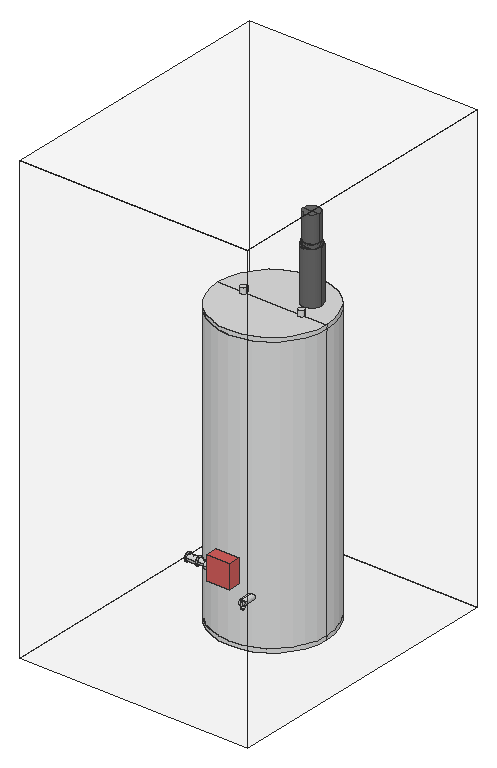
Revit family "Fan-Flued-Non-Condensing_RFF-190_Water-Heater_LOD200", category Mechanical Equipment, Revit 2014
Parameters (values of type "RFF 190")
  Weekly = ""
  Warranty ID = ""
  Voltage = 230 V  # constant formula
  URL = "http://www.andrewswaterheaters.co.uk/index.htm"
  Type = "Direct Gas Fired Water Heater"  # constant formula
  Supply Phase = "Single Phase"  # constant formula
  Storage Capacity = 190.00 L
  Shipping Weight = 84.00 kg
  Shipping Carton Width = 584 mm
  Shipping Carton Length = 648 mm
  Shipping Carton Height = 1753 mm
  Shape = "Rectangular (Horizontal)"  # constant formula
  Secondary Return Connection Type = "Socket"  # constant formula
  Secondary Return Connection Size = 19.05 mm  # constant formula
  Safety Valve Connection Type = "Threaded"  # constant formula
  Safety Valve Connection Size = 19.05 mm  # constant formula
  Responsible Sourcing of Materials = ""
  Responsible Extraction of Materials = yes
  Reference Standard = "BSE 89"  # constant formula
  Recovery Rate litre/min = "4"
  Quarterly = ""
  Product Range = "RFF Range"  # constant formula
  Product Literature = "http://www.andrewswaterheaters.co.uk/downloads/Product_range_guide.pdf"
  Power Consumption of Shunt Pump = 0 W  # constant formula
  Overall Width = 0 mm  # constant formula
  Overall Length = 0 mm  # constant formula
  Overall Height = 1867 mm
  Overall Diameter = 559 mm
  Operation = "On/Off"  # constant formula
  Oil Flow Rate kg/h = "0"  # constant formula
  Oil Consumption Rate l/h = "0"  # constant formula
  O&M Manual = "http://www.andrewswaterheaters.co.uk/literature-library/current-products.htm"
  Nominal Oil Inlet Pressure mbar = "0"  # constant formula
  Nominal Gas Inlet Pressure = "21"  # constant formula
  Nett Weight = 273.00 kg
  Mounting = "Floor Standing"  # constant formula
  Monthly = ""
  Model = "RFF 190"
  Minimum Power Consumption = 236 W  # constant formula
  Minimum Oil Inlet Pressure mbar = "0"  # constant formula
  Minimum Gas Inlet Pressure mbar = "18"  # constant formula
  Min Operating Pressure mbar = "0.2"  # constant formula
  Maximum Water Temperature = 71 °F  # constant formula
  Maximum Starting Current = 3 A  # constant formula
  Maximum Power Consumption = 236 W  # constant formula
  Maximum Oil Inlet Pressure mbar = "0"  # constant formula
  Maximum Gas Inlet Pressure mbar = "40"  # constant formula
  Max Operating Pressure When Unvented = 3.50 psi  # constant formula
  Max Operating Pressure When Open Vented = 10.00 psi  # constant formula
  Material Ingredient Reporting = ""
  Manufacturer = "Andrews Water Heaters"  # constant formula
  Maintenance Required 8001-12000hrs = ""
  Maintenance Required 601-1000hrs = ""
  Maintenance Required 40001-8000hrs = ""
  Maintenance Required 301-600hrs = ""
  Maintenance Required 2001-4000hrs = ""
  Maintenance Required 1001-2000hrs = ""
  Maintenance Required 0-300hrs = ""
  Location of Manufacturer-GridRef = ""
  Life Cycle Analysis = ""
  Interlocks = yes
  Insulation Type = "Foam Injected"  # constant formula
  Insulation Thickness = 50 mm  # constant formula
  Heat Up Time mins = "44"
  Heat Loss kWh/24h = "4.45"
  Heat Generator Efficiency = "76.9"
  Heat Exchanger Material = Steel Glass Lined
  Gross Weight = 75.00 kg
  Gross Input Of Appliance = 19.5 Btu/h
  Green Guide for Specification = ""
  Gas Flow Rate = 1.82 CFM
  Gas Consumption rate = 1.8 CFM
  Fuse Rating = 5 A  # constant formula
  Full Load Current = 3 A  # constant formula
  Fuel Connection Type = "Threaded"  # constant formula
  Fuel Connection Size = 12.7 mm
  Fuel = "Gas - NG"  # constant formula
  Frequency = 50 Hz  # constant formula
  Flue or Air Intake Classification = "B22"  # constant formula
  Flue Connection Type = "External"  # constant formula
  Flue Connection Size = 80 mm  # constant formula
  Flue Connection Radius = Flue Connection Size / 2  # 40 mm
  Flow and Return Connection Type = "Threaded"  # constant formula
  Flow and Return Connection Size = 19.05 mm  # constant formula
  Finish = "Painted"  # constant formula
  Features = "Fan Assisted Open Flue"  # constant formula
  External Material = Aluminium
  Expected Life = ""
  ErP Energy Label = yes
  Environmental Product Declaration = ""
  Energy Technology List = no
  Enclosure Rating = "20"  # constant formula
  Emissions mg/kWh = "56"
  Embodied Carbon kgCO2e = ""
  Drain Connection Type = "Threaded"  # constant formula
  Drain Connection Size = 19.05 mm  # constant formula
  Daily = ""
  Control Type = "Internal"  # constant formula
  Control ThermostatRange = 40 °F
  Control Thermostat Range Note = "40 to 71"  # constant formula
  Continuous Output at 50 Degree Differential l/h = "257"
  Continuous Output at 44 Degree Differential l/h = "292"
  Condensing = no
  Condensate Drain Size = 0 mm
  Colour = "Grey (RAL 70047"  # constant formula
  Clearance Box Visibility [instance] = yes
  Clean Out and Inspection Opening Type = "Other"  # constant formula
  CE Approval = "Yes - 0063AU3620"  # constant formula
  Bespoke Timeframe = ""
  BMS Links = yes
  Annually = ""
  Air Inlet Connection Type = "External"  # constant formula
  Air Inlet Connection Size = 0 mm  # constant formula
  Access Clearance Top = 419 mm  # constant formula
  Access Clearance Right = 304.998 mm  # constant formula
  Access Clearance Rear = 305 mm  # constant formula
  Access Clearance Left = 304.998 mm  # constant formula
  Access Clearance Front = 609.997 mm  # constant formula
  Access Clearance Bottom = 0 mm  # constant formula
  6 Monthly = ""
Reference planes
  plane 1 "Center (Front/Back)": y = 0
  plane 2: z = 0
  plane 3 "Center (Left/Right)": x = 0
  plane 4: y = 279.5
  plane 5: y = -279.5
  plane 6: x = -279.5
  plane 7: x = 279.5
  plane 8: x = -584.498
  plane 9: x = 584.498
  plane 10: y = 584.5
  plane 11: y = -889.497
  plane 12: z = 1867
  plane 13: z = 2286
  plane 14: z = 1264
Forms (mm)
  Extrusion 1, solid, material "Glass - Clear - Amber", visible <- "Clearance Box Visibility"
    sketch origin (2455.198, -3524, 0) x (0, -1, 0) y (1, 0, 0)
      loop
        line (-4108.5, -1870.7) -> (-4108.5, -3039.697) -> (-2634.503, -3039.697) -> (-2634.503, -1870.7) -> (-4108.5, -1870.7)
    from 0 to 2286
Dimensions and locks
  equal spacing: plane 6, plane 3 "Center (Left/Right)", plane 7
  equal spacing: plane 4, plane 1 "Center (Front/Back)", plane 5
  "Overall Diameter": plane 4 to plane 5
  "Overall Diameter": plane 6 to plane 7
  "Access Clearance Left": plane 8 to plane 6
  "Access Clearance Right": plane 7 to plane 9
  "Access Clearance Rear": plane 10 to plane 4
  "Access Clearance Front": plane 11 to plane 5
  "Overall Height": plane 12 to level
  "Access Clearance Top": plane 13 to plane 12
  locked: plane 14 to level at 1264
  aligned and locked: level to plane 2
  aligned and locked: plane 3 "Center (Left/Right)" to nested 1
  aligned and locked: plane 1 "Center (Front/Back)" to nested 1
  aligned and locked: level to nested 1
  aligned and locked: level to Extrusion 1
  aligned and locked: plane 13 to Extrusion 1
  aligned and locked: plane 9 to Extrusion 1
  aligned and locked: Extrusion 1 to plane 8
  aligned and locked: plane 10 to Extrusion 1
  aligned and locked: plane 11 to Extrusion 1
Automatic sketch dimensions
  Extrusion 1 sketch curve to plane 11 = 1473.997 mm
  Extrusion 1 sketch curve to Extrusion 1 sketch curve = 1473.997 mm
  Extrusion 1 sketch curve to plane 9 = 0 mm
  Extrusion 1 sketch curve to Extrusion 1 sketch curve = 1168.997 mm
Nested families
  nested 1: "Fan-Flued Range" at (0, 0, 0), OH <- "Overall Height", type "Parametric"
    with OH 1867 mm, Flue Connection Radius 62.5 mm
Connectors
  piping at (-148.342, 0, 1473), diameter 19.05, driven by "Flow and Return Connection Size"
    settings: on nested 1, index 1, connector inside diameter 609.6 mm, connector length 0 mm, flow factor 0, pipe flow 0 GPM, pressure drop 0.00 psi, fitting loss kfactor 0, connector angle 0.00°, fixture units 0, engagement length 0 mm, angle of deflection 0.00°, flow configuration 0, flow direction 2, fitting loss method 0, system type 19, joint type 0, gender type 0, connector reference index -1, connector utility 1, adjustable connector no, is connector primary yes, connector description "Hot Outlet Nipple/Anode"
  piping at (148.342, 0, 1473), diameter 19.05, driven by "Flow and Return Connection Size"
    settings: on nested 1, index 2, connector inside diameter 609.6 mm, connector length 0 mm, flow factor 0, pipe flow 0 GPM, pressure drop 0.00 psi, fitting loss kfactor 0, connector angle 0.00°, fixture units 0, engagement length 0 mm, angle of deflection 0.00°, flow configuration 0, flow direction 1, fitting loss method 0, system type 20, joint type 0, gender type 0, connector reference index -1, connector utility 1, adjustable connector no, is connector primary no, connector description "Hydrojet Cold Inlet Diptube"
  piping at (-188, -309.5, 356), diameter 19.1
    settings: on nested 1, index 5, connector inside diameter 609.6 mm, connector length 0 mm, flow factor 0, pipe flow 0 GPM, pressure drop 0.00 psi, fitting loss kfactor 0, connector angle 0.00°, fixture units 0, engagement length 0 mm, angle of deflection 0.00°, flow configuration 0, flow direction 1, fitting loss method 0, system type 7, joint type 0, gender type 0, connector reference index -1, connector utility 1, adjustable connector no, is connector primary no, connector description "Gas Cock"
  piping at (100, -320.133, 219.44), diameter 19.1
    settings: on nested 1, index 6, connector inside diameter 609.6 mm, connector length 0 mm, flow factor 0, pipe flow 0 GPM, pressure drop 0.00 psi, fitting loss kfactor 0, connector angle 0.00°, fixture units 0, engagement length 0 mm, angle of deflection 0.00°, flow configuration 0, flow direction 2, fitting loss method 0, system type 16, joint type 0, gender type 0, connector reference index -1, connector utility 1, adjustable connector no, is connector primary no, connector description "Drain Cock"
  electrical at (0, -349.57, 366)
    settings: on nested 1, index 7, voltage 0 V, apparent load 0 VA, apparent load phase1 0 VA, apparent load phase2 0 VA, apparent load phase3 0 VA, power factor 1, load classification "Other", number of poles 1, system type 5, power factor state 1, is connector primary yes, connector utility yes, sub classification motor no, connector description "Spark Ignition Control"
  piping at (114.5, 108.3, 1867), diameter 40, driven by "Flue Connection Radius"
    settings: on nested 1, index 9, connector inside diameter 609.6 mm, connector length 0 mm, flow factor 0, pipe flow 0 GPM, pressure drop 0.00 psi, fitting loss kfactor 0, connector angle 0.00°, fixture units 0, engagement length 0 mm, angle of deflection 0.00°, flow configuration 0, flow direction 2, fitting loss method 0, system type 8, joint type 0, gender type 0, connector reference index -1, connector utility 1, adjustable connector yes, is connector primary no, connector description "Flue Connection"
Definition of nested family "Fan-Flued Range"
  Parameters (values of type "Parametric")
    URL = ""
    Overall Height = 1448 mm
    Overall Diameter = 559 mm
    OH [instance] = 2170 mm
    Model = "EC230/600"
    Manufacturer = "Andrews Water Heaters"  # constant formula
    Flue Connection Radius [instance] = 62.5 mm
    External Material = Aluminium
    Description = "Condensing Storage Water Heater"
    Default Elevation = 1219.2 mm
    Base Material = Metal - Aluminium-Grey
  Reference planes
    plane 1 "Center (Front/Back)": y = 0
    plane 2: z = 0
    plane 3 "Center (Left/Right)": x = 0
    plane 4: x = -279.5
    plane 5: x = 279.5
    plane 6: y = 279.5
    plane 7: y = -279.5
    plane 8: z = 1448
    plane 9: z = 1428
    plane 10: z = 20
    plane 11: z = 356
    plane 12: y = -309.5
    plane 13: z = 724
    plane 14: x = -100
    plane 15: x = 100
    plane 16: z = 1228
    plane 17: y = 108.3
    plane 18: z = 2170
    plane 19: y = -149.671
  Forms (mm)
    Revolve 1, solid, material "Aluminium"
      sketch origin (0, 0, 0) x (1, 0, 0) y (0, 0, 1)
        loop
          line (-279.5, 1428) -> (-279.5, 20) -> (0, 20) -> (0, 1428) -> (-279.5, 1428)
        axis (0, 1428) -> (0, 20)
      angle from 0 to 360
    Revolve 2, solid, material "Aluminium" <- "External Material"
      sketch origin (0, 0, 0) x (1, 0, 0) y (0, 0, 1)
        loop
          line (-279.5, 1448) -> (-279.5, 1428) -> (0, 1428) -> (0, 1448) -> (-279.5, 1448)
        loop
          line (-279.5, 0) -> (0, 0) -> (0, 20) -> (-279.5, 20) -> (-279.5, 0)
        axis (0, 1448) -> (0, 0)
      angle from 0 to 360
    Revolve 3, solid, material "Aluminium"
      sketch origin (-209.431, -1524, 356) x (-1, 0, 0) y (0, -1, 0)
        loop
          line (-21.431, -1194.5) -> (-26.431, -1194.5) -> (-26.431, -1197.5) -> (-76.431, -1197.5) -> (-76.431, -1195.5)
          arc (-76.431, -1195.5) -> (-76.724, -1194.793) -> (-77.431, -1194.5) r 1
          line (-77.431, -1194.5) -> (-81.431, -1194.5) -> (-81.431, -1199.5)
          arc (-81.431, -1199.5) -> (-81.724, -1200.207) -> (-82.431, -1200.5) r 1
          line (-82.431, -1200.5) -> (-118.431, -1200.5)
          arc (-118.431, -1200.5) -> (-119.138, -1200.207) -> (-119.431, -1199.5) r 1
          line (-119.431, -1199.5) -> (-119.431, -1195.5)
          arc (-119.431, -1195.5) -> (-119.724, -1194.793) -> (-120.431, -1194.5) r 1
          line (-120.431, -1194.5) -> (-149.431, -1194.5) -> (-149.431, -1204.95) -> (-21.431, -1204.95) -> (-21.431, -1194.5)
        axis (-149.431, -1214.5) -> (-21.431, -1214.5)
      angle from 0 to 360
    Revolve 4, solid, material "Aluminium"
      sketch origin (0, 0, 0) x (0, 1, 0) y (0, 0, 1)
        loop
          line (-289.5, 386) -> (-289.5, 366) -> (-274.5, 366) -> (-274.5, 386) -> (-289.5, 386)
        axis (-274.5, 366) -> (-289.5, 366)
      angle from 0 to 360
    Extrusion 5, solid, material "Aluminium"
      sketch origin (-1446.495, -1524, 1448) x (-1, 0, 0) y (0, -1, 0)
        loop
          circle (-1298.154, -1524) r 15
        loop
          circle (-1594.837, -1524) r 15
      from 25 to 0
    Extrusion 6, solid, material "Metallic-Paint - Red"
      sketch origin (0, -0.099, -22) x (1, 0, 0) y (0, 1, 0)
        loop
          line (-60, -289.5) -> (-60, -349.47) -> (60, -349.47) -> (60, -289.5) -> (-60, -289.5)
      from 328 to 448
    Revolve 7, solid, material "Aluminium"
      sketch origin (100, -1524, 1483.809) x (0, 0, 1) y (0, -1, 0)
        loop
          line (-1223.869, -1207) -> (-1223.869, -1197) -> (-1234.782, -1197) -> (-1234.782, -1281.948) -> (-1219.869, -1281.948) -> (-1219.869, -1207) -> (-1223.869, -1207)
        axis (-1234.782, -1281.948) -> (-1234.782, -1197)
      angle from 0 to 360
    Revolve 8, solid, material "Aluminium"
      sketch origin (100, -1524, 1483.809) x (0, 0, 1) y (0, -1, 0)
        loop
          line (-1239.81, -1232.424) -> (-1235.444, -1226.953) -> (-1264.369, -1203.867) -> (-1268.735, -1209.338) -> (-1239.81, -1232.424)
        axis (-1264.369, -1203.867) -> (-1235.444, -1226.953)
      angle from 0 to 360
    Revolve 9, solid, material "Metallic Paint - Black"
      sketch origin (0, 108.3, 1808) x (0, 0, 1) y (-1, 0, 0)
        loop
          line (362, -154.5) -> (362, -114.5) -> (-360, -114.5) -> (-360, -164.5) -> (-93, -164.5) -> (-93, -156)
          arc (-93, -156) -> (-92.707, -156.707) -> (-92, -157) r 1
          line (-92, -157) -> (-74, -157)
          arc (-74, -157) -> (-73.293, -156.707) -> (-73, -156) r 1
          line (-73, -156) -> (-73, -154.5) -> (362, -154.5)
        axis (-360, -114.5) -> (362, -114.5)
      angle from 0 to 360
  Cuts and joins
    joined: Revolve 1, Revolve 3, Revolve 4, Extrusion 5, Revolve 7, Revolve 8
  Dimensions and locks
    equal spacing: plane 5, plane 3 "Center (Left/Right)", plane 4
    "Overall Diameter": plane 5 to plane 4
    "Overall Height": plane 8 to level
    equal spacing: plane 6, plane 1 "Center (Front/Back)", plane 7
    "Overall Diameter": plane 6 to plane 7
    locked: plane 8 to plane 9 at 20
    locked: plane 10 to level at 20
    plane 11 to level = 356 mm
    locked: plane 7 to plane 12 at 30
    Revolve 4 sketch curve to plane 7 = 5 mm
    equal spacing: plane 8, plane 13, level
    equal spacing: plane 15, plane 3 "Center (Left/Right)", plane 14
    locked: plane 15 to plane 14 at 200
    locked: plane 9 to plane 16 at 200
    locked: plane 6 to plane 17 at 171.2
    "OH": plane 18 to level
    plane 19 to plane 1 "Center (Front/Back)" = 149.671 mm
    aligned and locked: level to plane 2
    aligned and locked: Revolve 1 sketch curve to plane 4
    aligned and locked: Revolve 1 sketch curve to plane 9
    aligned and locked: Revolve 1 sketch curve to plane 3 "Center (Left/Right)"  (x2)
    aligned and locked: Revolve 1 sketch curve to plane 10
    aligned and locked: Revolve 2 sketch curve to plane 4  (x2)
    aligned and locked: Revolve 2 sketch curve to plane 9
    aligned and locked: Revolve 2 sketch curve to plane 8
    aligned and locked: Revolve 2 sketch curve to plane 3 "Center (Left/Right)"  (x3)
    aligned and locked: Revolve 2 sketch curve to level
    aligned and locked: Revolve 2 sketch curve to plane 10
    aligned and locked: plane 1 "Center (Front/Back)" to Extrusion 5 sketch curve  (x2)
    aligned and locked: cut or joined group of Revolve 1, Revolve 3, Revolve 4, Extrusion 5, Revolve 7, Revolve 8 to plane 8
    aligned and locked: Revolve 9 sketch curve to plane 18
  Automatic sketch dimensions
    Revolve 1 sketch curve to level = 366.045 mm
    plane 18 to Revolve 1 sketch curve = 228.315 mm
    Revolve 2 sketch curve to level = 366.045 mm
    plane 18 to Revolve 2 sketch curve = 228.315 mm
    Revolve 3 sketch curve to plane 12 = 0 mm
    Revolve 3 sketch curve to plane 12 = 20 mm  (x2)
    plane 14 to Revolve 3 sketch curve = 40 mm
    plane 14 to Revolve 3 sketch curve = 11 mm
    Revolve 3 sketch curve to Revolve 3 sketch curve = 1 mm  (x5)
    Revolve 3 sketch curve to plane 14 = 27 mm
    Revolve 3 sketch curve to Revolve 3 sketch curve = 4 mm
    Revolve 3 sketch curve to Revolve 3 sketch curve = 50 mm
    Revolve 3 sketch curve to Revolve 3 sketch curve = 5 mm
    Revolve 3 sketch curve to plane 12 = 9.55 mm
    Revolve 3 sketch curve to plane 12 = 14 mm
    Revolve 3 sketch curve to Revolve 3 sketch curve = 2 mm  (x2)
    Revolve 3 sketch curve to Revolve 3 sketch curve = 10 mm
    plane 7 to Revolve 4 sketch curve = 10 mm
    plane 11 to Revolve 4 sketch curve = 10 mm
    Revolve 4 sketch curve to Revolve 4 sketch curve = 20 mm
    Revolve 4 sketch curve to Revolve 4 sketch curve = 0 mm  (x2)
    Revolve 4 sketch curve to Revolve 4 sketch curve = 2.679 mm
    Extrusion 5 sketch curve to plane 15 = 48.342 mm
    Extrusion 5 sketch curve to plane 14 = 48.342 mm
    plane 7 to Extrusion 6 sketch curve = 10.099 mm
    plane 14 to Extrusion 6 sketch curve = 40 mm
    plane 15 to Extrusion 6 sketch curve = 40 mm
    Extrusion 6 sketch curve to plane 12 = 40.07 mm
    plane 7 to Revolve 7 sketch curve = 37.448 mm
    plane 11 to Revolve 7 sketch curve = 106.973 mm
    Revolve 7 sketch curve to Revolve 7 sketch curve = 10.913 mm
    Revolve 7 sketch curve to Revolve 7 sketch curve = 4 mm
    plane 12 to Revolve 7 sketch curve = 7.5 mm
    Revolve 7 sketch curve to Revolve 7 sketch curve = 10 mm
    Revolve 7 sketch curve to Revolve 7 sketch curve = 0 mm  (x2)
    Revolve 7 sketch curve to Revolve 7 sketch curve = 8.55 mm
    plane 12 to Revolve 8 sketch curve = 5.162 mm
    plane 11 to Revolve 8 sketch curve = 140.926 mm
    plane 12 to Revolve 8 sketch curve = 10.633 mm  (x2)
    Revolve 8 sketch curve to Revolve 8 sketch curve = 4.367 mm
    Revolve 8 sketch curve to plane 7 = 12.076 mm
    Revolve 8 sketch curve to Revolve 8 sketch curve = 28.925 mm
    Revolve 8 sketch curve to Revolve 8 sketch curve = 0 mm
    plane 12 to Revolve 8 sketch curve = 5.227 mm
    Revolve 8 sketch curve to Revolve 8 sketch curve = 6.773 mm
    Revolve 9 sketch curve to plane 8 = 0 mm
    Revolve 9 sketch curve to plane 15 = 64.5 mm
    Revolve 9 sketch curve to Revolve 9 sketch curve = 267 mm
    Revolve 9 sketch curve to Revolve 9 sketch curve = 1 mm  (x3)
    Revolve 9 sketch curve to Revolve 9 sketch curve = 18 mm
    Revolve 9 sketch curve to Revolve 9 sketch curve = 7.5 mm
    Revolve 9 sketch curve to Revolve 9 sketch curve = 1.5 mm
    Revolve 9 sketch curve to plane 15 = 14.5 mm  (x2)
    Revolve 9 sketch curve to Revolve 9 sketch curve = 73 mm
    Revolve 9 sketch curve to Revolve 9 sketch curve = 35 mm
    Revolve 9 sketch curve to Revolve 9 sketch curve = 0 mm
    radius of Extrusion 5 sketch curve = 15 mm  (x2)
